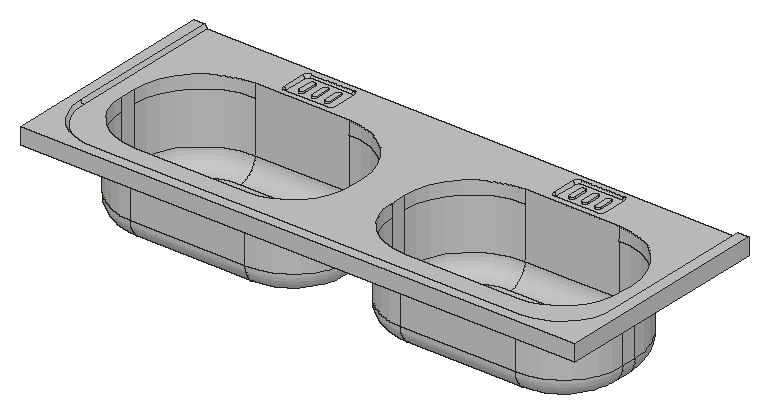
Revit family
Parameters (values of type "1070 X 420")
  Waste Connection Diameter = 40 mm
  Depth Of Bowl = 165 mm
  Width Of Bowl = 270 mm
  Length Of Bowl = 442 mm
  Height = 1050 mm
  Width = 420 mm
  Waste Connection Radius = Waste Connection Diameter / 2  # 20 mm
  Waste Connection = 1 = 1  # yes
  WFU = 0
  Vent Connection = 1 = 0  # no
  URL = "http://www.autospec.co.za/browse.php?id=1644179284"
  Product Code = "None"
  OmniClass Title = ""
  OmniClass Number = ""
  Modspec Classification = ""
  Specification = ""
  Location (revit room) = ""
  Material = Stainless Steel Grade 304
  Length = 1070 mm
  HW Connection = 1 = 0  # no
  Description = ""
  Depth = 172 mm
  Default Elevation = 0 mm
  Colour = none
  CW Connection = 1 = 0  # no
  Body Finish = none
  Model = "Wash Hand Basins SRHB - 002"
  Manufacturer = "Kwikot"  # constant formula
  Assembly Code = "D2010440"
Reference planes
  plane 1 "Back": y = 0
  plane 2 "Bottom": z = 0
  plane 3 "Center (Left/Right)": x = 0
  plane 4 "Left": x = -535
  plane 5 "Right": x = 535
  plane 6 "Front": y = -420
  plane 7 "Top": z = 1050
  plane 8: z = 1018
  plane 9 "Basin Center": x = -259.5
  plane 10: y = -355
  plane 11: y = -85
  plane 12: x = -480.5
  plane 13: x = -38.5
  plane 14: z = 878
  plane 15: z = 1043
  plane 16: x = 41.5
  plane 17: y = -210
  plane 18: x = -259.5
  plane 19: x = 262.5
  plane 20: x = 784.5
  plane 21: x = 1306.5
  plane 22: x = 262.5
  plane 23: x = 784.5
  plane 24: x = -259.5
  plane 25: x = 262.5
  plane 26: x = -259.5
  plane 27: x = 262.5
  plane 28: x = 262.5
  plane 29: x = -259.5
  plane 30: x = -259.5
  plane 31: x = -309.5
  plane 32: x = 262.5
  plane 33: x = 212.5
  plane 34: x = 262.5
  plane 35: x = -259.5
  plane 36: x = -259.5
  plane 37: x = -535
  plane 38: x = 262.5
  plane 39: x = -13
  plane 40: x = 262.5
  plane 41: x = -259.5
  plane 42: z = 878
  plane 43: z = 878
Forms (mm)
  Extrusion 1, solid, material "Stainless Steel Grade 304" <- "Material"
    sketch origin (-535, -491, 4000) x (0, -1, 0) y (0, 0, 1)
      loop
        line (-491, -2982) -> (-71, -2982) -> (-71, -2950) -> (-491, -2950) -> (-491, -2982)
    from 0 to -1070
  Blend 2, void
    base sketch origin (-779.234, -1524, 1050) x (0, -1, 0) y (1, 0, 0)
      loop
        line (-1524, 264.234) -> (-1224, 264.234)
        arc (-1224, 264.234) -> (-1153.289, 293.523) -> (-1124, 364.234) r 100
        line (-1124, 364.234) -> (-1124, 1194.234)
        arc (-1124, 1194.234) -> (-1153.289, 1264.944) -> (-1224, 1294.234) r 100
        line (-1224, 1294.234) -> (-1524, 1294.234) -> (-1524, 264.234)
    top sketch origin (-779.234, -1524, 1050) x (0, -1, 0) y (1, 0, 0)
      loop
        arc (-1224, 268.234) -> (-1156.118, 296.351) -> (-1128, 364.234) r 96
        line (-1128, 364.234) -> (-1128, 1194.234)
        arc (-1128, 1194.234) -> (-1156.118, 1262.116) -> (-1224, 1290.234) r 96
        line (-1224, 1290.234) -> (-1524, 1290.234) -> (-1524, 268.234) -> (-1224, 268.234)
    from 0 to -7
  Extrusion 3, void
    sketch origin (-516.734, -1524, 1050) x (0, -1, 0) y (-1, 0, 0)
      loop
        line (-1439, -166.734) -> (-1439, -348.234)
        arc (-1439, -348.234) -> (-1400.924, -440.158) -> (-1309, -478.234) r 130
        line (-1309, -478.234) -> (-1279, -478.234)
        arc (-1279, -478.234) -> (-1201.218, -446.015) -> (-1169, -368.234) r 110
        line (-1169, -368.234) -> (-1169, -146.734)
        arc (-1169, -146.734) -> (-1201.218, -68.952) -> (-1279, -36.734) r 110
        line (-1279, -36.734) -> (-1309, -36.734)
        arc (-1309, -36.734) -> (-1400.924, -74.81) -> (-1439, -166.734) r 130
    from 0 to 32
  Sweep 4, solid, material "Stainless Steel Grade 304" <- "Material"
    path in 3D
      loop
        arc (-168.5, -85, 1043) -> (-76.576, -123.076, 1043) -> (-38.5, -215, 1043) r 130
        line (-38.5, -215, 1043) -> (-38.5, -245, 1043)
        arc (-38.5, -245, 1043) -> (-70.718, -322.782, 1043) -> (-148.5, -355, 1043) r 110
        line (-148.5, -355, 1043) -> (-370, -355, 1043)
        arc (-370, -355, 1043) -> (-447.782, -322.782, 1043) -> (-480, -245, 1043) r 110
        line (-480, -245, 1043) -> (-480, -215, 1043)
        arc (-480, -215, 1043) -> (-441.924, -123.076, 1043) -> (-350, -85, 1043) r 130
        line (-350, -85, 1043) -> (-168.5, -85, 1043)
    profile origin (-259.25, -85, 1043) x (0, 1, 0) y (0, 0, 1)
      loop
        line (0, -25) -> (0, -125)
        arc (0, -125) -> (-10.251, -149.749) -> (-35, -160) r 35
        line (-35, -160) -> (-35, -165)
        arc (-35, -165) -> (-6.716, -153.284) -> (5, -125) r 40
        line (5, -125) -> (5, -25) -> (0, -25)
  Extrusion 5, void
    sketch origin (5.266, -1524, 1050) x (0, -1, 0) y (-1, 0, 0)
      loop
        line (-1439, -166.734) -> (-1439, -348.234)
        arc (-1439, -348.234) -> (-1400.924, -440.158) -> (-1309, -478.234) r 130
        line (-1309, -478.234) -> (-1279, -478.234)
        arc (-1279, -478.234) -> (-1201.218, -446.015) -> (-1169, -368.234) r 110
        line (-1169, -368.234) -> (-1169, -146.734)
        arc (-1169, -146.734) -> (-1201.218, -68.952) -> (-1279, -36.734) r 110
        line (-1279, -36.734) -> (-1309, -36.734)
        arc (-1309, -36.734) -> (-1400.924, -74.81) -> (-1439, -166.734) r 130
    from 0 to 32
  Sweep 6, solid, material "Stainless Steel Grade 304" <- "Material"
    path in 3D
      loop
        arc (353.5, -85, 1043) -> (445.424, -123.076, 1043) -> (483.5, -215, 1043) r 130
        line (483.5, -215, 1043) -> (483.5, -245, 1043)
        arc (483.5, -245, 1043) -> (451.282, -322.782, 1043) -> (373.5, -355, 1043) r 110
        line (373.5, -355, 1043) -> (152, -355, 1043)
        arc (152, -355, 1043) -> (74.218, -322.782, 1043) -> (42, -245, 1043) r 110
        line (42, -245, 1043) -> (42, -215, 1043)
        arc (42, -215, 1043) -> (80.076, -123.076, 1043) -> (172, -85, 1043) r 130
        line (172, -85, 1043) -> (353.5, -85, 1043)
    profile origin (262.75, -85, 1043) x (0, 1, 0) y (0, 0, 1)
      loop
        line (0, -25) -> (0, -125)
        arc (0, -125) -> (-10.251, -149.749) -> (-35, -160) r 35
        line (-35, -160) -> (-35, -165)
        arc (-35, -165) -> (-6.716, -153.284) -> (5, -125) r 40
        line (5, -125) -> (5, -25) -> (0, -25)
  Extrusion 7, solid, material "Stainless Steel Grade 304" <- "Material"
    sketch origin (-845.606, -1524, 878) x (-1, 0, 0) y (0, -1, 0)
      loop
        arc (-495.606, -1404) -> (-428.431, -1376.175) -> (-400.606, -1309) r 95
        line (-400.606, -1309) -> (-400.606, -1279)
        arc (-400.606, -1279) -> (-422.573, -1225.967) -> (-475.606, -1204) r 75
        line (-475.606, -1204) -> (-697.106, -1204)
        arc (-697.106, -1204) -> (-750.139, -1225.967) -> (-772.106, -1279) r 75
        line (-772.106, -1279) -> (-772.106, -1309)
        arc (-772.106, -1309) -> (-744.281, -1376.175) -> (-677.106, -1404) r 95
        line (-677.106, -1404) -> (-495.606, -1404)
      loop
        circle (-586.106, -1379) r 20
    from 0 to 5
  Extrusion 8, solid, material "Stainless Steel Grade 304" <- "Material"
    sketch origin (-323.606, -1524, 878) x (-1, 0, 0) y (0, -1, 0)
      loop
        arc (-495.606, -1404) -> (-428.431, -1376.175) -> (-400.606, -1309) r 95
        line (-400.606, -1309) -> (-400.606, -1279)
        arc (-400.606, -1279) -> (-422.573, -1225.967) -> (-475.606, -1204) r 75
        line (-475.606, -1204) -> (-697.106, -1204)
        arc (-697.106, -1204) -> (-750.139, -1225.967) -> (-772.106, -1279) r 75
        line (-772.106, -1279) -> (-772.106, -1309)
        arc (-772.106, -1309) -> (-744.281, -1376.175) -> (-677.106, -1404) r 95
        line (-677.106, -1404) -> (-495.606, -1404)
      loop
        circle (-586.106, -1379) r 20
    from 0 to 5
  Blend 9, void
    base sketch origin (-179.357, -1524, 1043) x (0, -1, 0) y (1, 0, 0)
      loop
        arc (-1514, -120.143) -> (-1511.071, -127.214) -> (-1504, -130.143) r 10
        line (-1504, -130.143) -> (-1459, -130.143)
        arc (-1459, -130.143) -> (-1451.929, -127.214) -> (-1449, -120.143) r 10
        line (-1449, -120.143) -> (-1449, -40.143)
        arc (-1449, -40.143) -> (-1451.929, -33.071) -> (-1459, -30.143) r 10
        line (-1459, -30.143) -> (-1504, -30.143)
        arc (-1504, -30.143) -> (-1511.071, -33.071) -> (-1514, -40.143) r 10
        line (-1514, -40.143) -> (-1514, -120.143)
    top sketch origin (-179.357, -1524, 1043) x (0, -1, 0) y (1, 0, 0)
      loop
        arc (-1459, -127.143) -> (-1454.05, -125.092) -> (-1452, -120.143) r 7
        line (-1452, -120.143) -> (-1452, -40.143)
        arc (-1452, -40.143) -> (-1454.05, -35.193) -> (-1459, -33.143) r 7
        line (-1459, -33.143) -> (-1504, -33.143)
        arc (-1504, -33.143) -> (-1508.95, -35.193) -> (-1511, -40.143) r 7
        line (-1511, -40.143) -> (-1511, -120.143)
        arc (-1511, -120.143) -> (-1508.95, -125.092) -> (-1504, -127.143) r 7
        line (-1504, -127.143) -> (-1459, -127.143)
    from 0 to -5
  Blend 10, void
    base sketch origin (342.643, -1524, 1043) x (0, -1, 0) y (1, 0, 0)
      loop
        arc (-1514, -120.143) -> (-1511.071, -127.214) -> (-1504, -130.143) r 10
        line (-1504, -130.143) -> (-1459, -130.143)
        arc (-1459, -130.143) -> (-1451.929, -127.214) -> (-1449, -120.143) r 10
        line (-1449, -120.143) -> (-1449, -40.143)
        arc (-1449, -40.143) -> (-1451.929, -33.071) -> (-1459, -30.143) r 10
        line (-1459, -30.143) -> (-1504, -30.143)
        arc (-1504, -30.143) -> (-1511.071, -33.071) -> (-1514, -40.143) r 10
        line (-1514, -40.143) -> (-1514, -120.143)
    top sketch origin (342.643, -1524, 1043) x (0, -1, 0) y (1, 0, 0)
      loop
        arc (-1459, -127.143) -> (-1454.05, -125.092) -> (-1452, -120.143) r 7
        line (-1452, -120.143) -> (-1452, -40.143)
        arc (-1452, -40.143) -> (-1454.05, -35.193) -> (-1459, -33.143) r 7
        line (-1459, -33.143) -> (-1504, -33.143)
        arc (-1504, -33.143) -> (-1508.95, -35.193) -> (-1511, -40.143) r 7
        line (-1511, -40.143) -> (-1511, -120.143)
        arc (-1511, -120.143) -> (-1508.95, -125.092) -> (-1504, -127.143) r 7
        line (-1504, -127.143) -> (-1459, -127.143)
    from 0 to -5
  Extrusion 11, solid, material "Stainless Steel Grade 304" <- "Material"
    sketch origin (-179.357, -1524, 1043) x (-1, 0, 0) y (0, -1, 0)
      loop
        arc (85.143, -1470.346) -> (80.143, -1465.346) -> (75.143, -1470.346) r 5
        line (75.143, -1470.346) -> (75.143, -1495.346)
        arc (75.143, -1495.346) -> (80.143, -1500.346) -> (85.143, -1495.346) r 5
        line (85.143, -1495.346) -> (85.143, -1470.346)
      loop
        arc (110.143, -1470.346) -> (105.143, -1465.346) -> (100.143, -1470.346) r 5
        line (100.143, -1470.346) -> (100.143, -1495.346)
        arc (100.143, -1495.346) -> (105.143, -1500.346) -> (110.143, -1495.346) r 5
        line (110.143, -1495.346) -> (110.143, -1470.346)
      loop
        line (50.143, -1470.346) -> (50.143, -1495.346)
        arc (50.143, -1495.346) -> (55.143, -1500.346) -> (60.143, -1495.346) r 5
        line (60.143, -1495.346) -> (60.143, -1470.346)
        arc (60.143, -1470.346) -> (55.143, -1465.346) -> (50.143, -1470.346) r 5
    from -10 to -3
  Extrusion 12, solid, material "Stainless Steel Grade 304" <- "Material"
    sketch origin (342.643, -1524, 1043) x (-1, 0, 0) y (0, -1, 0)
      loop
        arc (85.143, -1470.346) -> (80.143, -1465.346) -> (75.143, -1470.346) r 5
        line (75.143, -1470.346) -> (75.143, -1495.346)
        arc (75.143, -1495.346) -> (80.143, -1500.346) -> (85.143, -1495.346) r 5
        line (85.143, -1495.346) -> (85.143, -1470.346)
      loop
        arc (110.143, -1470.346) -> (105.143, -1465.346) -> (100.143, -1470.346) r 5
        line (100.143, -1470.346) -> (100.143, -1495.346)
        arc (100.143, -1495.346) -> (105.143, -1500.346) -> (110.143, -1495.346) r 5
        line (110.143, -1495.346) -> (110.143, -1470.346)
      loop
        line (50.143, -1470.346) -> (50.143, -1495.346)
        arc (50.143, -1495.346) -> (55.143, -1500.346) -> (60.143, -1495.346) r 5
        line (60.143, -1495.346) -> (60.143, -1470.346)
        arc (60.143, -1470.346) -> (55.143, -1465.346) -> (50.143, -1470.346) r 5
    from -10 to -3
  Extrusion 13, solid
    sketch origin (-845.606, -1524, 878) x (-1, 0, 0) y (0, -1, 0)
      loop
        circle (-586.106, -1379) r 20
      loop
        circle (-586.106, -1379) r 23
    from 0 to -10
  Extrusion 14, solid
    sketch origin (-323.606, -1524, 878) x (-1, 0, 0) y (0, -1, 0)
      loop
        circle (-586.106, -1379) r 20
      loop
        circle (-586.106, -1379) r 23
    from 0 to -10
Cuts and joins
  Blend 2, Extrusion 3, Extrusion 5, Blend 9, Blend 10 cuts Extrusion 1
  Extrusion 5, Blend 9, Blend 10 cuts Sweep 4
  Extrusion 5, Blend 9, Blend 10 cuts Sweep 6
  Blend 9, Blend 10 cuts Extrusion 7
  Blend 9, Blend 10 cuts Extrusion 8
  joined: Extrusion 1, Sweep 4, Sweep 6, Extrusion 7, Extrusion 8, Extrusion 11
Lines and regions (mm)
  sketch lines
    curve 1: line (-350, -85, 1043) -> (-168.5, -85, 1043)
    curve 2: arc (-350, -85, 1043) -> (-441.924, -123.076, 1043) -> (-480, -215, 1043) r 130
    curve 3: line (-480, -245, 1043) -> (-480, -215, 1043)
    curve 4: arc (-480, -245, 1043) -> (-447.782, -322.782, 1043) -> (-370, -355, 1043) r 110
    curve 5: line (-148.5, -355, 1043) -> (-370, -355, 1043)
    curve 6: arc (-148.5, -355, 1043) -> (-70.718, -322.782, 1043) -> (-38.5, -245, 1043) r 110
    curve 7: line (-38.5, -215, 1043) -> (-38.5, -245, 1043)
    curve 8: arc (-38.5, -215, 1043) -> (-76.576, -123.076, 1043) -> (-168.5, -85, 1043) r 130
    curve 9: line (172, -85, 1043) -> (353.5, -85, 1043)
    curve 10: arc (172, -85, 1043) -> (80.076, -123.076, 1043) -> (42, -215, 1043) r 130
    curve 11: line (42, -245, 1043) -> (42, -215, 1043)
    curve 12: arc (42, -245, 1043) -> (74.218, -322.782, 1043) -> (152, -355, 1043) r 110
    curve 13: line (373.5, -355, 1043) -> (152, -355, 1043)
    curve 14: arc (373.5, -355, 1043) -> (451.282, -322.782, 1043) -> (483.5, -245, 1043) r 110
    curve 15: line (483.5, -215, 1043) -> (483.5, -245, 1043)
    curve 16: arc (483.5, -215, 1043) -> (445.424, -123.076, 1043) -> (353.5, -85, 1043) r 130
  symbolic lines
    curve 17: line (-535, 0, 1050) -> (-535, -420, 1050)
    curve 18: line (-535, -420, 1050) -> (535, -420, 1050)
    curve 19: line (535, 0, 1050) -> (-535, 0, 1050)
    curve 20: line (535, -420, 1050) -> (535, 0, 1050)
    curve 21: line (-515, -300, 1050) -> (-515, 0, 1050)
    curve 22: line (-511, 0, 1050) -> (-511, -300, 1050)
    curve 23: arc (-415, -400, 1050) -> (-485.711, -370.711, 1050) -> (-515, -300, 1050) r 100
    curve 24: arc (-511, -300, 1050) -> (-482.882, -367.882, 1050) -> (-415, -396, 1050) r 96
    curve 25: line (-415, -396, 1050) -> (415, -396, 1050)
    curve 26: line (415, -400, 1050) -> (-415, -400, 1050)
    curve 27: arc (515, -300, 1050) -> (485.711, -370.711, 1050) -> (415, -400, 1050) r 100
    curve 28: arc (415, -396, 1050) -> (482.882, -367.882, 1050) -> (511, -300, 1050) r 96
    curve 29: line (511, -300, 1050) -> (511, 0, 1050)
    curve 30: line (515, 0, 1050) -> (515, -300, 1050)
    curve 31: line (-168.5, -85, 1050) -> (-350, -85, 1050)
    curve 32: arc (-480, -215, 1050) -> (-441.924, -123.076, 1050) -> (-350, -85, 1050) r 130
    curve 33: line (-480, -215, 1050) -> (-480, -245, 1050)
    curve 34: arc (-370, -355, 1050) -> (-447.782, -322.782, 1050) -> (-480, -245, 1050) r 110
    curve 35: line (-370, -355, 1050) -> (-148.5, -355, 1050)
    curve 36: arc (-38.5, -245, 1050) -> (-70.718, -322.782, 1050) -> (-148.5, -355, 1050) r 110
    curve 37: line (-38.5, -245, 1050) -> (-38.5, -215, 1050)
    curve 38: arc (-168.5, -85, 1050) -> (-76.576, -123.076, 1050) -> (-38.5, -215, 1050) r 130
    curve 41: line (353.5, -85, 1050) -> (172, -85, 1050)
    curve 42: arc (42, -215, 1050) -> (80.076, -123.076, 1050) -> (172, -85, 1050) r 130
    curve 43: line (42, -215, 1050) -> (42, -245, 1050)
    curve 44: arc (152, -355, 1050) -> (74.218, -322.782, 1050) -> (42, -245, 1050) r 110
    curve 45: line (152, -355, 1050) -> (373.5, -355, 1050)
    curve 46: arc (483.5, -245, 1050) -> (451.282, -322.782, 1050) -> (373.5, -355, 1050) r 110
    curve 47: line (483.5, -245, 1050) -> (483.5, -215, 1050)
    curve 48: arc (353.5, -85, 1050) -> (445.424, -123.076, 1050) -> (483.5, -215, 1050) r 130
    curve 51: line (-219.5, -13, 1050) -> (-299.5, -13, 1050)
    curve 52: arc (-299.5, -13, 1050) -> (-304.45, -15.05, 1050) -> (-306.5, -20, 1050) r 7
    curve 53: line (-306.5, -20, 1050) -> (-306.5, -65, 1050)
    curve 54: arc (-306.5, -65, 1050) -> (-304.45, -69.95, 1050) -> (-299.5, -72, 1050) r 7
    curve 55: line (-299.5, -72, 1050) -> (-219.5, -72, 1050)
    curve 56: arc (-219.5, -72, 1050) -> (-214.55, -69.95, 1050) -> (-212.5, -65, 1050) r 7
    curve 57: line (-212.5, -65, 1050) -> (-212.5, -20, 1050)
    curve 58: arc (-212.5, -20, 1050) -> (-214.55, -15.05, 1050) -> (-219.5, -13, 1050) r 7
    curve 59: line (-299.5, -10, 1050) -> (-219.5, -10, 1050)
    curve 60: arc (-219.5, -10, 1050) -> (-212.429, -12.929, 1050) -> (-209.5, -20, 1050) r 10
    curve 61: line (-209.5, -20, 1050) -> (-209.5, -65, 1050)
    curve 62: arc (-209.5, -65, 1050) -> (-212.429, -72.071, 1050) -> (-219.5, -75, 1050) r 10
    curve 63: line (-219.5, -75, 1050) -> (-299.5, -75, 1050)
    curve 64: arc (-299.5, -75, 1050) -> (-306.571, -72.071, 1050) -> (-309.5, -65, 1050) r 10
    curve 65: line (-309.5, -65, 1050) -> (-309.5, -20, 1050)
    curve 66: arc (-309.5, -20, 1050) -> (-306.571, -12.929, 1050) -> (-299.5, -10, 1050) r 10
    curve 79: line (302.5, -13, 1050) -> (222.5, -13, 1050)
    curve 80: arc (222.5, -13, 1050) -> (217.55, -15.05, 1050) -> (215.5, -20, 1050) r 7
    curve 81: line (215.5, -20, 1050) -> (215.5, -65, 1050)
    curve 82: arc (215.5, -65, 1050) -> (217.55, -69.95, 1050) -> (222.5, -72, 1050) r 7
    curve 83: line (222.5, -72, 1050) -> (302.5, -72, 1050)
    curve 84: arc (302.5, -72, 1050) -> (307.45, -69.95, 1050) -> (309.5, -65, 1050) r 7
    curve 85: line (309.5, -65, 1050) -> (309.5, -20, 1050)
    curve 86: arc (309.5, -20, 1050) -> (307.45, -15.05, 1050) -> (302.5, -13, 1050) r 7
    curve 87: line (222.5, -10, 1050) -> (302.5, -10, 1050)
    curve 88: arc (302.5, -10, 1050) -> (309.571, -12.929, 1050) -> (312.5, -20, 1050) r 10
    curve 89: line (312.5, -20, 1050) -> (312.5, -65, 1050)
    curve 90: arc (312.5, -65, 1050) -> (309.571, -72.071, 1050) -> (302.5, -75, 1050) r 10
    curve 91: line (302.5, -75, 1050) -> (222.5, -75, 1050)
    curve 92: arc (222.5, -75, 1050) -> (215.429, -72.071, 1050) -> (212.5, -65, 1050) r 10
    curve 93: line (212.5, -65, 1050) -> (212.5, -20, 1050)
    curve 94: arc (212.5, -20, 1050) -> (215.429, -12.929, 1050) -> (222.5, -10, 1050) r 10
  symbolic lines, detail levels fine
    curve 39: arc (-239.5, -145, 1050) -> (-259.5, -165, 1050) -> (-279.5, -145, 1050) r 20
    curve 40: arc (-279.5, -145, 1050) -> (-259.5, -125, 1050) -> (-239.5, -145, 1050) r 20
    curve 49: arc (282.5, -145, 1050) -> (262.5, -165, 1050) -> (242.5, -145, 1050) r 20
    curve 50: arc (242.5, -145, 1050) -> (262.5, -125, 1050) -> (282.5, -145, 1050) r 20
    curve 67: line (-289.5, -28.654, 1050) -> (-289.5, -53.654, 1050)
    curve 68: arc (-289.5, -53.654, 1050) -> (-284.5, -58.654, 1050) -> (-279.5, -53.654, 1050) r 5
    curve 69: line (-279.5, -53.654, 1050) -> (-279.5, -28.654, 1050)
    curve 70: arc (-279.5, -28.654, 1050) -> (-284.5, -23.654, 1050) -> (-289.5, -28.654, 1050) r 5
    curve 71: line (-264.5, -28.654, 1050) -> (-264.5, -53.654, 1050)
    curve 72: arc (-264.5, -53.654, 1050) -> (-259.5, -58.654, 1050) -> (-254.5, -53.654, 1050) r 5
    curve 73: line (-254.5, -53.654, 1050) -> (-254.5, -28.654, 1050)
    curve 74: arc (-254.5, -28.654, 1050) -> (-259.5, -23.654, 1050) -> (-264.5, -28.654, 1050) r 5
    curve 75: line (-239.5, -28.654, 1050) -> (-239.5, -53.654, 1050)
    curve 76: arc (-239.5, -53.654, 1050) -> (-234.5, -58.654, 1050) -> (-229.5, -53.654, 1050) r 5
    curve 77: line (-229.5, -53.654, 1050) -> (-229.5, -28.654, 1050)
    curve 78: arc (-229.5, -28.654, 1050) -> (-234.5, -23.654, 1050) -> (-239.5, -28.654, 1050) r 5
    curve 95: line (232.5, -28.654, 1050) -> (232.5, -53.654, 1050)
    curve 96: arc (232.5, -53.654, 1050) -> (237.5, -58.654, 1050) -> (242.5, -53.654, 1050) r 5
    curve 97: line (242.5, -53.654, 1050) -> (242.5, -28.654, 1050)
    curve 98: arc (242.5, -28.654, 1050) -> (237.5, -23.654, 1050) -> (232.5, -28.654, 1050) r 5
    curve 99: line (257.5, -28.654, 1050) -> (257.5, -53.654, 1050)
    curve 100: arc (257.5, -53.654, 1050) -> (262.5, -58.654, 1050) -> (267.5, -53.654, 1050) r 5
    curve 101: line (267.5, -53.654, 1050) -> (267.5, -28.654, 1050)
    curve 102: arc (267.5, -28.654, 1050) -> (262.5, -23.654, 1050) -> (257.5, -28.654, 1050) r 5
    curve 103: line (282.5, -28.654, 1050) -> (282.5, -53.654, 1050)
    curve 104: arc (282.5, -53.654, 1050) -> (287.5, -58.654, 1050) -> (292.5, -53.654, 1050) r 5
    curve 105: line (292.5, -53.654, 1050) -> (292.5, -28.654, 1050)
    curve 106: arc (292.5, -28.654, 1050) -> (287.5, -23.654, 1050) -> (282.5, -28.654, 1050) r 5
Dimensions and locks
  equal spacing: plane 4 "Left", plane 3 "Center (Left/Right)", plane 5 "Right"
  "Width": plane 1 "Back" to plane 6 "Front"
  "Length": plane 4 "Left" to plane 5 "Right"
  "Height": plane 7 "Top" to plane 2 "Bottom"
  plane 10 to plane 6 "Front" = 65 mm
  "Width Of Bowl": plane 11 to plane 10
  "Length Of Bowl": plane 12 to plane 13
  equal spacing: plane 12, plane 9 "Basin Center", plane 13
  plane 7 "Top" to plane 8 = 32 mm
  "Depth Of Bowl": plane 15 to plane 14
  plane 4 "Left" to plane 12 = 54.5 mm
  plane 13 to plane 16 = 80 mm
  equal spacing: plane 1 "Back", plane 17, plane 6 "Front"
  profile plane to Sweep 4 sketch curve = 5 mm
  profile plane to Sweep 6 sketch curve = 5 mm
  group 1 to group 2 = 522 mm
  group 1 to group 2 = 0 mm  (x2)
  locked: plane 18 to plane 19 at 522
  locked: plane 19 to plane 20 at 522
  group 3 to group 4 = 522 mm
  group 3 to group 4 = 0 mm  (x2)
  locked: plane 22 to plane 23 at 522
  locked: plane 24 to plane 25 at 522
  equal spacing: Blend 9 sketch curve, plane 26, Blend 9 sketch curve
  Blend 9 sketch curve to Blend 9 sketch curve = 100 mm
  equal spacing: Blend 10 sketch curve, plane 27, Blend 10 sketch curve
  Blend 10 sketch curve to Blend 10 sketch curve = 100 mm
  group 5 to group 6 = 522 mm
  group 5 to group 6 = 0 mm  (x2)
  locked: plane 29 to plane 28 at 522
  plane 31 to plane 30 = 50 mm
  plane 33 to plane 32 = 50 mm
  group 7 to group 8 = 522 mm
  group 7 to group 8 = 0 mm  (x2)
  locked: plane 29 to plane 34 at 522
  locked: plane 37 to plane 36 at 275.5
  locked: plane 39 to plane 38 at 275.5
  group 9 to group 10 = 522 mm
  group 9 to group 10 = 0 mm  (x2)
  locked: plane 35 to plane 40 at 522
  "Depth": plane 7 "Top" to plane 14
  radius of Extrusion 3 sketch curve = 130 mm  (x2)
  radius of Extrusion 3 sketch curve = 110 mm  (x2)
  radius of Sweep 4 sketch curve = 35 mm
  radius of Sweep 4 sketch curve = 40 mm
  radius of Extrusion 5 sketch curve = 130 mm  (x2)
  radius of Extrusion 5 sketch curve = 110 mm  (x2)
  radius of Sweep 6 sketch curve = 35 mm
  radius of Sweep 6 sketch curve = 40 mm
  "Waste Connection Radius": radius of Extrusion 7 sketch curve
  "Waste Connection Radius": radius of Extrusion 8 sketch curve
  "Waste Connection Radius": radius of Extrusion 13 sketch curve
  "Waste Connection Radius": radius of Extrusion 14 sketch curve
  aligned and locked: level to plane 2 "Bottom"
  aligned and locked: Extrusion 1 sketch curve to plane 8
  aligned and locked: Extrusion 1 sketch curve to plane 1 "Back"
  aligned and locked: Extrusion 1 sketch curve to plane 6 "Front"
  aligned and locked: plane 7 "Top" to Extrusion 1 sketch curve
  aligned and locked: plane 4 "Left" to Extrusion 1
  aligned and locked: Extrusion 1 to plane 5 "Right"
  aligned and locked: Blend 2 to plane 15
  aligned and locked: plane 18 to plane 9 "Basin Center"
  aligned and locked: plane 19 to plane 22
  aligned and locked: plane 23 to plane 20
  aligned and locked: plane 18 to plane 24
  aligned and locked: plane 1 "Back" to Blend 2 sketch curve  (x2)
  aligned and locked: plane 26 to plane 18
  aligned and locked: plane 30 to plane 18
  aligned and locked: plane 30 to Extrusion 11 sketch curve
  aligned and locked: plane 32 to Extrusion 12 sketch curve
  aligned and locked: plane 18 to plane 36
  aligned and locked: plane 36 to Extrusion 13 sketch curve
  aligned and locked: plane 37 to plane 4 "Left"
  aligned and locked: plane 14 to Extrusion 13
  aligned and locked: plane 38 to Extrusion 14 sketch curve
  aligned and locked: plane 42 to Sweep 4 sketch curve
  aligned and locked: plane 43 to Sweep 6 sketch curve
  aligned and locked: curve 22 to cut or joined group 1 (Extrusion 1, Blend 2, Extrusion 3, Sweep 4, Extrusion 5, Sweep 6, Extrusion 7, Extrusion 8, Blend 9, Blend 10, Extrusion 11)
  aligned and locked: curve 23 to cut or joined group 1
  aligned and locked: curve 24 to cut or joined group 1
  aligned and locked: curve 27 to cut or joined group 1
  aligned and locked: curve 28 to cut or joined group 1
  aligned and locked: curve 30 to cut or joined group 1
  aligned and locked: curve 31 to cut or joined group 1
  aligned and locked: curve 33 to cut or joined group 1
  aligned and locked: curve 35 to cut or joined group 1
  aligned and locked: curve 37 to cut or joined group 1
  aligned and locked: curve 51 to cut or joined group 1
  aligned and locked: curve 53 to cut or joined group 1
  aligned and locked: curve 55 to cut or joined group 1
  aligned and locked: curve 57 to cut or joined group 1
  aligned and locked: curve 59 to cut or joined group 1
  aligned and locked: curve 61 to cut or joined group 1
  aligned and locked: curve 63 to cut or joined group 1
  aligned and locked: curve 65 to cut or joined group 1
  aligned and locked: curve 67 to cut or joined group 1
  aligned and locked: curve 69 to cut or joined group 1
  aligned and locked: curve 71 to cut or joined group 1
  aligned and locked: curve 73 to cut or joined group 1
  aligned and locked: curve 75 to cut or joined group 1
  aligned and locked: curve 77 to cut or joined group 1
Automatic sketch dimensions
  plane 6 "Front" to Blend 2 sketch curve = 120 mm  (x3)
  plane 6 "Front" to Blend 2 sketch curve = 20 mm
  Blend 2 sketch curve to plane 4 "Left" = 24 mm
  plane 6 "Front" to Blend 2 sketch curve = 24 mm
  Sweep 4 sketch curve to Sweep 4 sketch curve = 0 mm
  Sweep 4 sketch curve to profile plane = 25 mm
  Sweep 6 sketch curve to Sweep 6 sketch curve = 0 mm
  Sweep 6 sketch curve to profile plane = 25 mm
  Extrusion 7 sketch curve to Extrusion 7 sketch curve = 20 mm  (x2)
  Extrusion 8 sketch curve to Extrusion 8 sketch curve = 20 mm  (x2)
  Extrusion 7 sketch curve to Extrusion 7 sketch curve = 75 mm  (x2)
  Extrusion 7 sketch curve to Extrusion 7 sketch curve = 91 mm
  Extrusion 7 sketch curve to Extrusion 7 sketch curve = 90.5 mm
  Extrusion 7 sketch curve to Extrusion 7 sketch curve = 25 mm
  Extrusion 7 sketch curve to Extrusion 7 sketch curve = 30 mm
  Extrusion 8 sketch curve to Extrusion 8 sketch curve = 75 mm  (x2)
  Extrusion 8 sketch curve to Extrusion 8 sketch curve = 91 mm
  Extrusion 8 sketch curve to Extrusion 8 sketch curve = 90.5 mm
  Extrusion 8 sketch curve to Extrusion 8 sketch curve = 25 mm
  Extrusion 8 sketch curve to Extrusion 8 sketch curve = 30 mm
  plane 5 "Right" to Blend 2 sketch curve = 24 mm
  plane 12 to Blend 2 sketch curve = 65.5 mm
  Blend 2 sketch curve to plane 12 = 34.5 mm
  plane 5 "Right" to Blend 2 sketch curve = 20 mm
  Blend 9 sketch curve to Blend 9 sketch curve = 10 mm  (x3)
  Blend 9 sketch curve to Blend 9 sketch curve = 7 mm  (x3)
  Blend 9 sketch curve to Blend 9 sketch curve = 45 mm  (x4)
  Blend 9 sketch curve to Blend 9 sketch curve = 80 mm
  Blend 10 sketch curve to Blend 10 sketch curve = 10 mm  (x3)
  Blend 10 sketch curve to Blend 10 sketch curve = 7 mm  (x3)
  Blend 10 sketch curve to Blend 10 sketch curve = 45 mm  (x4)
  Blend 10 sketch curve to Blend 10 sketch curve = 80 mm
  Extrusion 11 sketch curve to Extrusion 11 sketch curve = 15 mm  (x2)
  Extrusion 11 sketch curve to Extrusion 11 sketch curve = 5 mm  (x2)
  Extrusion 11 sketch curve to Extrusion 11 sketch curve = 0 mm  (x4)
  Extrusion 11 sketch curve to Extrusion 11 sketch curve = 25 mm
  plane 30 to Extrusion 11 sketch curve = 5 mm
  Extrusion 12 sketch curve to Extrusion 12 sketch curve = 15 mm  (x2)
  Extrusion 12 sketch curve to Extrusion 12 sketch curve = 5 mm  (x2)
  Extrusion 12 sketch curve to Extrusion 12 sketch curve = 0 mm  (x4)
  Extrusion 12 sketch curve to Extrusion 12 sketch curve = 25 mm
  plane 32 to Extrusion 12 sketch curve = 5 mm
  Extrusion 13 sketch curve to Extrusion 13 sketch curve = 0 mm  (x5)
  Extrusion 13 sketch curve to plane 36 = 23 mm
  Extrusion 14 sketch curve to Extrusion 14 sketch curve = 0 mm  (x5)
  Extrusion 14 sketch curve to plane 38 = 23 mm
  curve 18 to plane 4 "Left" = 0 mm
  curve 18 to plane 6 "Front" = 0 mm
  curve 19 to plane 5 "Right" = 0 mm
  plane 1 "Back" to curve 30 = 0 mm
  curve 40 to plane 18 = 0 mm
  curve 40 to plane 18 = 20 mm
  curve 38 to plane 18 = 91 mm
  curve 35 to plane 18 = 111 mm
  curve 37 to curve 36 = 110 mm
  plane 18 to curve 32 = 90.5 mm
  plane 18 to curve 34 = 110.5 mm
  curve 34 to curve 33 = 110 mm
  curve 31 to curve 39 = 60 mm
  curve 37 to curve 37 = 30 mm
  curve 39 to curve 40 = 0 mm
  curve 50 to plane 19 = 0 mm
  curve 50 to plane 19 = 20 mm
  curve 48 to plane 19 = 91 mm
  curve 45 to plane 19 = 111 mm
  curve 47 to curve 46 = 110 mm
  plane 19 to curve 42 = 90.5 mm
  plane 19 to curve 44 = 110.5 mm
  curve 44 to curve 43 = 110 mm
  curve 41 to curve 49 = 60 mm
  curve 47 to curve 47 = 30 mm
  curve 49 to curve 50 = 0 mm
  curve 52 to curve 66 = 0 mm  (x3)
  curve 54 to curve 64 = 0 mm  (x3)
  curve 56 to curve 62 = 0 mm  (x3)
  curve 58 to curve 60 = 0 mm  (x2)
  curve 74 to plane 29 = 0 mm
  plane 29 to curve 72 = 5 mm
  curve 78 to curve 73 = 15 mm
  curve 76 to curve 75 = 5 mm
  curve 62 to curve 76 = 10 mm
  curve 58 to curve 77 = 10 mm
  curve 58 to curve 58 = 7 mm
  curve 60 to curve 58 = 3 mm
  curve 72 to curve 69 = 15 mm
  curve 69 to curve 70 = 5 mm
  curve 67 to curve 66 = 10 mm
  curve 67 to curve 55 = 10 mm
  curve 54 to curve 53 = 7 mm
  curve 52 to curve 71 = 8.654 mm
  curve 73 to curve 75 = 0 mm
  curve 70 to curve 74 = 0 mm
  curve 74 to curve 72 = 25 mm
  curve 73 to curve 76 = 0 mm
  curve 67 to curve 72 = 0 mm
  curve 76 to curve 56 = 11.346 mm
  curve 80 to curve 94 = 0 mm  (x3)
  curve 82 to curve 92 = 0 mm  (x3)
  curve 84 to curve 90 = 0 mm  (x3)
  curve 86 to curve 88 = 0 mm  (x2)
  curve 102 to plane 28 = 0 mm
  plane 28 to curve 100 = 5 mm
  curve 106 to curve 101 = 15 mm
  curve 104 to curve 103 = 5 mm
  curve 90 to curve 104 = 10 mm
  curve 86 to curve 105 = 10 mm
  curve 86 to curve 86 = 7 mm
  curve 88 to curve 86 = 3 mm
  curve 100 to curve 97 = 15 mm
  curve 97 to curve 98 = 5 mm
  curve 95 to curve 94 = 10 mm
  curve 95 to curve 83 = 10 mm
  curve 82 to curve 81 = 7 mm
  curve 80 to curve 99 = 8.654 mm
  curve 101 to curve 103 = 0 mm
  curve 98 to curve 102 = 0 mm
  curve 102 to curve 100 = 25 mm
  curve 101 to curve 104 = 0 mm
  curve 95 to curve 100 = 0 mm
  curve 104 to curve 84 = 11.346 mm
Connectors
  piping at (-259.5, -145, 868), driven by "Waste Connection Radius", driven by "WFU"
    settings: on Extrusion 13, index 1, connector radius 20 mm, flow factor 0, pipe flow 0.0 L/s, pressure drop 0.0 Pa, fitting loss kfactor 0, connector angle 0.00°, fixture units 0, flow configuration 3, flow direction 2, fitting loss method 0, system type 16, connector reference index -1, connector utility 0, adjustable connector no, is connector primary yes, fitting loss table "", connector description "Waste Connection"
  piping at (262.5, -145, 868), driven by "Waste Connection Radius", driven by "WFU"
    settings: on Extrusion 14, index 2, connector radius 20 mm, flow factor 0, pipe flow 0.0 L/s, pressure drop 0.0 Pa, fitting loss kfactor 0, connector angle 0.00°, fixture units 0, flow configuration 3, flow direction 2, fitting loss method 0, system type 16, connector reference index -1, connector utility 0, adjustable connector no, is connector primary no, fitting loss table "", connector description "Waste Connection"
